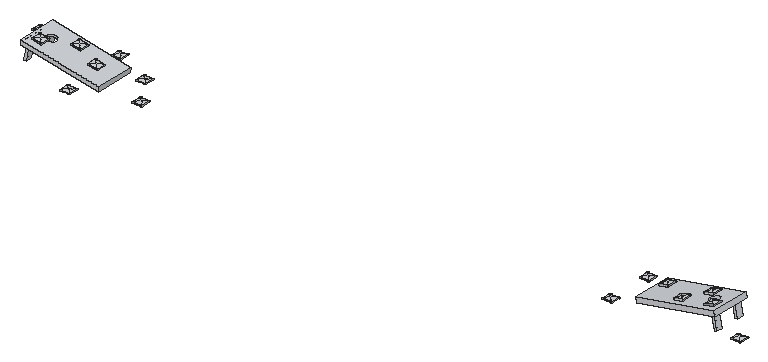
Revit family "Corn Hole", category Site, Revit 2015
Parameters
  Mat'l = none
  Bag 2 = none
  Bag 1 = none
Reference planes (in)
  plane 1 "Center (Front/Back)": y = 0
  plane 2: z = 0
  plane 3 "Center (Left/Right)": x = 0
  plane 4: x = -162
  plane 5: x = 162
Forms (in)
  Extrusion 1, solid, material <- "Mat'l"
    sketch origin (-158.14879, 0, -0.84839) x (0.98205, 0, -0.188622) y (0, 1, 0)
      loop
        line (-52.49781, 12) -> (-52.49781, -12) -> (-4.49781, -12) -> (-4.49781, 12) -> (-52.49781, 12)
    from 0 to 3
  Extrusion 2, void
    sketch origin (-158.14879, 0, -0.84839) x (0.98205, 0, -0.188622) y (0, 1, 0)
      loop
        circle (-43.49781, 0) r 3
    from -3.63299 to 6.21913
  Extrusion 3, void
    sketch origin (-158.14879, 0, -0.84839) x (0.98205, 0, -0.188622) y (0, 1, 0)
      loop
        line (-51.74781, 11.25) -> (-51.74781, -11.25) -> (-5.24781, -11.25) -> (-5.24781, 11.25) -> (-51.74781, 11.25)
    from 0 to 2.25
  Extrusion 4, solid, material <- "Mat'l"
    sketch origin (-158.06806, -6.5, 0) x (1, 0, 0) y (0, 0, 1)
      loop
        line (-49.00219, 10.83906) -> (-51.08404, 0) -> (-49.55663, 0) -> (-47.52911, 10.55613) -> (-49.00219, 10.83906)
    from 0 to 3.5
  Extrusion 5, solid, material <- "Mat'l"
    sketch origin (-158.06806, 6.5, 0) x (1, 0, 0) y (0, 0, -1)
      loop
        line (-49.00219, -10.83906) -> (-47.52911, -10.55613) -> (-49.55663, 0) -> (-51.08404, 0) -> (-49.00219, -10.83906)
    from 0 to 3.5
  Extrusion 6, solid, material <- "Mat'l", not visible
    sketch origin (-0.08074, 0, -0.84839) x (0.98205, 0, -0.188622) y (0, 1, 0)
      loop
        line (-52.49781, 12) -> (-52.49781, -12) -> (-4.49781, -12) -> (-4.49781, 12) -> (-52.49781, 12)
    from 0 to 3
  Extrusion 7, void, not visible
    sketch origin (-0.08074, 0, -0.84839) x (0.98205, 0, -0.188622) y (0, 1, 0)
      loop
        circle (-43.49781, 0) r 3
    from -3.63299 to 6.21913
  Extrusion 8, void, not visible
    sketch origin (-0.08074, 0, -0.84839) x (0.98205, 0, -0.188622) y (0, 1, 0)
      loop
        line (-51.74781, 11.25) -> (-51.74781, -11.25) -> (-5.24781, -11.25) -> (-5.24781, 11.25) -> (-51.74781, 11.25)
    from 0 to 2.25
  Extrusion 9, solid, material <- "Mat'l", not visible
    sketch origin (0, -6.5, 0) x (1, 0, 0) y (0, 0, 1)
      loop
        line (-49.00219, 10.83906) -> (-51.08404, 0) -> (-49.55663, 0) -> (-47.52911, 10.55613) -> (-49.00219, 10.83906)
    from 0 to 3.5
  Extrusion 10, solid, material <- "Mat'l", not visible
    sketch origin (0, 6.5, 0) x (1, 0, 0) y (0, 0, -1)
      loop
        line (-49.00219, -10.83906) -> (-47.52911, -10.55613) -> (-49.55663, 0) -> (-51.08404, 0) -> (-49.00219, -10.83906)
    from 0 to 3.5
  Extrusion 11, solid, material <- "Mat'l"
    sketch origin (158.14879, 0, -0.84839) x (-0.98205, 0, -0.188622) y (0, -1, 0)
      loop
        line (-52.49781, -12) -> (-4.49781, -12) -> (-4.49781, 12) -> (-52.49781, 12) -> (-52.49781, -12)
    from 0 to 3
  Extrusion 12, void
    sketch origin (158.14879, 0, -0.84839) x (-0.98205, 0, -0.188622) y (0, -1, 0)
      loop
        circle (-43.49781, 0) r 3
    from -3.63299 to 6.21913
  Extrusion 13, void
    sketch origin (158.14879, 0, -0.84839) x (-0.98205, 0, -0.188622) y (0, -1, 0)
      loop
        line (-51.74781, -11.25) -> (-5.24781, -11.25) -> (-5.24781, 11.25) -> (-51.74781, 11.25) -> (-51.74781, -11.25)
    from 0 to 2.25
  Extrusion 14, solid, material <- "Mat'l"
    sketch origin (158.06806, -3.375, 0) x (-1, 0, 0) y (0, 0, -1)
      loop
        line (-49.00219, -10.83906) -> (-47.52911, -10.55613) -> (-49.55663, 0) -> (-51.08404, 0) -> (-49.00219, -10.83906)
    from 0 to 3.5
  Extrusion 15, solid, material <- "Mat'l"
    sketch origin (158.06806, 3.375, 0) x (-1, 0, 0) y (0, 0, 1)
      loop
        line (-49.00219, 10.83906) -> (-51.08404, 0) -> (-49.55663, 0) -> (-47.52911, 10.55613) -> (-49.00219, 10.83906)
    from 0 to 3.5
Cuts and joins
  Extrusion 2, Extrusion 3, Extrusion 12, Extrusion 13 cuts Extrusion 1
  Extrusion 12 cuts Extrusion 11
  Extrusion 13 cuts Extrusion 4
  Extrusion 13 cuts Extrusion 5
  Extrusion 13 cuts Extrusion 14
Lines and regions (in)
  symbolic lines, style "SiteHiddenLines"
    curve 1: line (-209.70426, 12, 0) -> (-209.70426, 36, 0)
    curve 2: line (-209.70426, 36, 0) -> (-162, 36, 0)
    curve 3: line (-162, 36, 0) -> (-162, 12, 0)
    curve 4: line (-162, -12, 0) -> (-162, -36, 0)
    curve 5: line (-162, -36, 0) -> (-209.70426, -36, 0)
    curve 6: line (-209.70426, -12, 0) -> (-209.70426, -36, 0)
    curve 7: line (209.70426, 12, 0) -> (209.70426, 36, 0)
    curve 8: line (209.70426, 36, 0) -> (162, 36, 0)
    curve 9: line (162, 36, 0) -> (162, 12, 0)
    curve 10: line (162, -12, 0) -> (162, -36, 0)
    curve 11: line (162, -36, 0) -> (209.70426, -36, 0)
    curve 12: line (209.70426, -12, 0) -> (209.70426, -36, 0)
  symbolic lines, style "SiteProperty"
    curve 13: line (0, 36, 0) -> (0, -36, 0)
Nested families (in)
  nested 1: "Family2" at (-152, 10, 0), type "Family2"
  nested 2: "Family2" at (-140, -8, 0), type "Family2 2"
  nested 3: "Family2" at (-174, -20, 0), type "Family2 2"
  nested 4: "Bag" at (-173.5437, 0, 4.9583), type "Bag"
  nested 5: "Bag" at (-188.5, 6, 7.8043), type "Bag"
  nested 6: "Bag" at (-203.35348, -5, 10.67827), type "Bag 2"
  nested 7: "Family2" at (152, 10, 0) x (-1, 0, 0) z (0, 0, 1), type "Family2"
  nested 8: "Family2" at (151, -17, 0) x (-1, 0, 0) z (0, 0, 1), type "Family2 2"
  nested 9: "Family2" at (197, 18, 0) x (-1, 0, 0) z (0, 0, 1), type "Family2 2"
  nested 10: "Bag" at (194.32838, 6, 8.90545) x (-1, 0, 0) z (0, 0, 1), type "Bag 2"
  nested 11: "Bag" at (184.70426, -5, 7.0543) x (-1, 0, 0) z (0, 0, 1), type "Bag 2"
  nested 12: "Bag" at (203.24609, -5, 10.64952) x (-1, 0, 0) z (0, 0, 1), type "Bag"
  nested 13: "Family2" at (-220.62201, 17.21246, 0), type "Family2"
  nested 14: "Family2" at (-175.79325, 21.13447, 0), type "Family2"
  nested 15: "Family2" at (222.23394, -9.06009, 0) x (-1, 0, 0) z (0, 0, 1), type "Family2"
  nested 16: "Bag" at (167, 6, 3.69822) x (-1, 0, 0) z (0, 0, 1), type "Bag"
Definition of nested family "Family2"
  Parameters (values of type "Family2")
    Bag = none
  Reference planes (in)
    plane 1 "Center (Front/Back)": y = 0
    plane 2: z = 0
    plane 3 "Center (Left/Right)": x = 0
  Forms (in)
    Extrusion 1, solid, material <- "Bag"
      sketch origin (0, 0, 0) x (1, 0, 0) y (0, 1, 0)
        loop
          line (-3.5, 3.5) -> (-3.5, -3.5) -> (3.5, -3.5) -> (3.5, 3.5) -> (-3.5, 3.5)
      from 0 to 1.5
    Extrusion 2, void
      sketch origin (0, 0, 0) x (0, -1, 0) y (0, 0, 1)
        loop
          arc (-2.84453, 0.96554) -> (-2.99968, 0.75) -> (-2.84453, 0.53446) r 0.2273
          arc (-2.84453, 0.53446) -> (0, 0.12817) -> (2.84453, 0.53446) r 10.16089
          arc (2.84453, 0.53446) -> (2.99968, 0.75) -> (2.84453, 0.96554) r 0.2273
          arc (2.84453, 0.96554) -> (0, 1.37183) -> (-2.84453, 0.96554) r 10.16089
        loop
          line (-3.79784, 2.01272) -> (-3.79784, -0.48728) -> (3.95216, -0.48728) -> (3.95216, 2.01272) -> (-3.79784, 2.01272)
      from -5.61099 to 5.271
    Extrusion 3, void
      sketch origin (0, 0, 0) x (1, 0, 0) y (0, 0, 1)
        loop
          arc (-2.86491, 0.96684) -> (-3.02005, 0.75129) -> (-2.86491, 0.53575) r 0.2273
          arc (-2.86491, 0.53575) -> (-0.02037, 0.12947) -> (2.82416, 0.53575) r 10.16089
          arc (2.82416, 0.53575) -> (2.97931, 0.75129) -> (2.82416, 0.96684) r 0.2273
          arc (2.82416, 0.96684) -> (-0.02037, 1.37312) -> (-2.86491, 0.96684) r 10.16089
        loop
          line (-3.81821, 2.01401) -> (-3.81821, -0.48599) -> (3.93179, -0.48599) -> (3.93179, 2.01401) -> (-3.81821, 2.01401)
      from -2.73223 to 6.8874
    Extrusion 4, void
      sketch origin (0, 0, 0) x (1, 0, 0) y (0, 1, 0)
        loop
          line (-3.02157, 2.58942) -> (-3.02157, 3.16134) -> (-3.77157, 3.16134) -> (-3.77157, 2.58942) -> (-3.02157, 2.58942)
        loop
          line (2.98032, 2.58942) -> (3.77157, 2.58942) -> (3.77157, 3.16134) -> (2.98032, 3.16134) -> (2.98032, 2.58942)
      from 0 to 1.5
    Extrusion 5, solid, material <- "Bag", not visible
      sketch origin (0, 0, 0) x (1, 0, 0) y (0, 1, 0)
        loop
          line (-3.5, 3.5) -> (-3.5, -3.5) -> (3.5, -3.5) -> (3.5, 3.5) -> (-3.5, 3.5)
      from 0 to 1.5
    Extrusion 6, void, not visible
      sketch origin (0, 0, 0) x (0, -1, 0) y (0, 0, 1)
        loop
          arc (-2.84453, 0.96554) -> (-2.99968, 0.75) -> (-2.84453, 0.53446) r 0.2273
          arc (-2.84453, 0.53446) -> (0, 0.12817) -> (2.84453, 0.53446) r 10.16089
          arc (2.84453, 0.53446) -> (2.99968, 0.75) -> (2.84453, 0.96554) r 0.2273
          arc (2.84453, 0.96554) -> (0, 1.37183) -> (-2.84453, 0.96554) r 10.16089
        loop
          line (-3.79784, 2.01272) -> (-3.79784, -0.48728) -> (3.95216, -0.48728) -> (3.95216, 2.01272) -> (-3.79784, 2.01272)
      from -5.61099 to 5.271
    Extrusion 7, void, not visible
      sketch origin (0, 0, 0) x (1, 0, 0) y (0, 0, 1)
        loop
          arc (-2.86491, 0.96684) -> (-3.02005, 0.75129) -> (-2.86491, 0.53575) r 0.2273
          arc (-2.86491, 0.53575) -> (-0.02037, 0.12947) -> (2.82416, 0.53575) r 10.16089
          arc (2.82416, 0.53575) -> (2.97931, 0.75129) -> (2.82416, 0.96684) r 0.2273
          arc (2.82416, 0.96684) -> (-0.02037, 1.37312) -> (-2.86491, 0.96684) r 10.16089
        loop
          line (-3.81821, 2.01401) -> (-3.81821, -0.48599) -> (3.93179, -0.48599) -> (3.93179, 2.01401) -> (-3.81821, 2.01401)
      from -2.73223 to 6.8874
    Extrusion 8, void, not visible
      sketch origin (0, 0, 0) x (1, 0, 0) y (0, 1, 0)
        loop
          line (-3.02157, 2.58942) -> (-3.02157, 3.16134) -> (-3.77157, 3.16134) -> (-3.77157, 2.58942) -> (-3.02157, 2.58942)
        loop
          line (2.98032, 2.58942) -> (3.77157, 2.58942) -> (3.77157, 3.16134) -> (2.98032, 3.16134) -> (2.98032, 2.58942)
      from 0 to 1.5
  Cuts and joins
    Extrusion 2, Extrusion 3, Extrusion 4 cuts Extrusion 1
  Dimensions and locks (in)
    aligned and locked: plane 2 to level
Definition of nested family "Bag"
  Parameters (values of type "Bag")
    Bag = none
  Reference planes (in)
    plane 1 "Center (Front/Back)": y = 0
    plane 2: z = 0
    plane 3 "Center (Left/Right)": x = 0
  Forms (in)
    Extrusion 1, solid, material <- "Bag"
      sketch origin (0.09055, 0, 0.00042) x (0.982058, 0, -0.188581) y (0, 1, 0)
        loop
          line (-3.5, 3.5) -> (-3.5, -3.5) -> (3.5, -3.5) -> (3.5, 3.5) -> (-3.5, 3.5)
      from 0 to 1.5
    Extrusion 2, void
      sketch origin (0.09494, 0, 0.02331) x (0, -1, 0) y (0.188581, 0, 0.982058)
        loop
          arc (-2.84453, 0.96554) -> (-2.99968, 0.75) -> (-2.84453, 0.53446) r 0.2273
          arc (-2.84453, 0.53446) -> (0, 0.12817) -> (2.84453, 0.53446) r 10.16089
          arc (2.84453, 0.53446) -> (2.99968, 0.75) -> (2.84453, 0.96554) r 0.2273
          arc (2.84453, 0.96554) -> (0, 1.37183) -> (-2.84453, 0.96554) r 10.16089
        loop
          line (-3.79784, 2.01272) -> (-3.79784, -0.48728) -> (3.95216, -0.48728) -> (3.95216, 2.01272) -> (-3.79784, 2.01272)
      from -5.61099 to 5.271
    Extrusion 3, void
      sketch origin (0.09494, 0, 0.02331) x (0.982058, 0, -0.188581) y (0.188581, 0, 0.982058)
        loop
          arc (-2.86491, 0.96684) -> (-3.02005, 0.75129) -> (-2.86491, 0.53575) r 0.2273
          arc (-2.86491, 0.53575) -> (-0.02037, 0.12947) -> (2.82416, 0.53575) r 10.16089
          arc (2.82416, 0.53575) -> (2.97931, 0.75129) -> (2.82416, 0.96684) r 0.2273
          arc (2.82416, 0.96684) -> (-0.02037, 1.37312) -> (-2.86491, 0.96684) r 10.16089
        loop
          line (-3.81821, 2.01401) -> (-3.81821, -0.48599) -> (3.93179, -0.48599) -> (3.93179, 2.01401) -> (-3.81821, 2.01401)
      from -2.73223 to 6.8874
    Extrusion 4, void
      sketch origin (0.09055, 0, 0.00042) x (0.982058, 0, -0.188581) y (0, 1, 0)
        loop
          line (-3.02157, 2.58942) -> (-3.02157, 3.16134) -> (-3.77157, 3.16134) -> (-3.77157, 2.58942) -> (-3.02157, 2.58942)
        loop
          line (2.98032, 2.58942) -> (3.77157, 2.58942) -> (3.77157, 3.16134) -> (2.98032, 3.16134) -> (2.98032, 2.58942)
      from 0 to 1.5
    Extrusion 5, solid, material <- "Bag", not visible
      sketch origin (0, 0, 0) x (1, 0, 0) y (0, 1, 0)
        loop
          line (-3.5, 3.5) -> (-3.5, -3.5) -> (3.5, -3.5) -> (3.5, 3.5) -> (-3.5, 3.5)
      from 0 to 1.5
    Extrusion 6, void, not visible
      sketch origin (0, 0, 0) x (0, -1, 0) y (0, 0, 1)
        loop
          arc (-2.84453, 0.96554) -> (-2.99968, 0.75) -> (-2.84453, 0.53446) r 0.2273
          arc (-2.84453, 0.53446) -> (0, 0.12817) -> (2.84453, 0.53446) r 10.16089
          arc (2.84453, 0.53446) -> (2.99968, 0.75) -> (2.84453, 0.96554) r 0.2273
          arc (2.84453, 0.96554) -> (0, 1.37183) -> (-2.84453, 0.96554) r 10.16089
        loop
          line (-3.79784, 2.01272) -> (-3.79784, -0.48728) -> (3.95216, -0.48728) -> (3.95216, 2.01272) -> (-3.79784, 2.01272)
      from -5.61099 to 5.271
    Extrusion 7, void, not visible
      sketch origin (0, 0, 0) x (1, 0, 0) y (0, 0, 1)
        loop
          arc (-2.86491, 0.96684) -> (-3.02005, 0.75129) -> (-2.86491, 0.53575) r 0.2273
          arc (-2.86491, 0.53575) -> (-0.02037, 0.12947) -> (2.82416, 0.53575) r 10.16089
          arc (2.82416, 0.53575) -> (2.97931, 0.75129) -> (2.82416, 0.96684) r 0.2273
          arc (2.82416, 0.96684) -> (-0.02037, 1.37312) -> (-2.86491, 0.96684) r 10.16089
        loop
          line (-3.81821, 2.01401) -> (-3.81821, -0.48599) -> (3.93179, -0.48599) -> (3.93179, 2.01401) -> (-3.81821, 2.01401)
      from -2.73223 to 6.8874
    Extrusion 8, void, not visible
      sketch origin (0, 0, 0) x (1, 0, 0) y (0, 1, 0)
        loop
          line (-3.02157, 2.58942) -> (-3.02157, 3.16134) -> (-3.77157, 3.16134) -> (-3.77157, 2.58942) -> (-3.02157, 2.58942)
        loop
          line (2.98032, 2.58942) -> (3.77157, 2.58942) -> (3.77157, 3.16134) -> (2.98032, 3.16134) -> (2.98032, 2.58942)
      from 0 to 1.5
  Cuts and joins
    Extrusion 2, Extrusion 3, Extrusion 4 cuts Extrusion 1
  Dimensions and locks (in)
    aligned and locked: plane 2 to level
